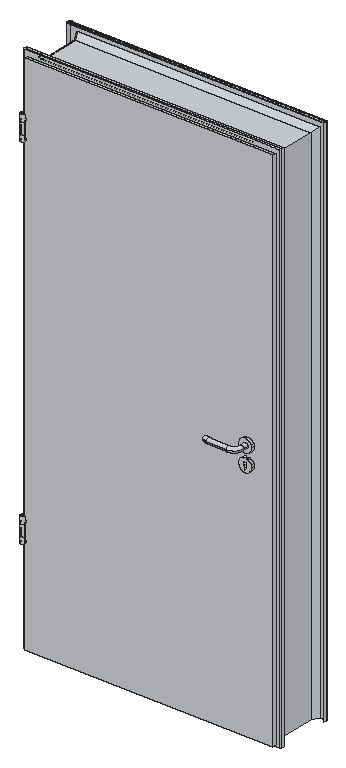
Revit family "BOS-Schrägleibungszarge-15ZcBud_Familie", category Türen, Revit 2017
Family settings
  Basisbauteil = Wand
  Immer vertikal = Ja
  Beim Laden mit Abzugskörper schneiden = Nein
  Gemeinsam genutzt = Nein
  Raumberechnungspunkt = Ja
Parameters (values of type "15ZcBud")
  Öffnungswinkel [instance] = if(Öffnungswinkel   Aperture < Öffnungswinkel min., Öffnungswinkel min., if(Öffnungswinkel   Aperture > Öffnungswinkel max., Öffnungswinkel max., Öffnungswinkel   Aperture)) * if(DIN links   DIN Left, 1, -1)  # 0.00°
  Öffnungswinkel min. = 0.00°  # constant formula
  Öffnungswinkel max. = 180.00°  # constant formula
  Öffnungswinkel   Aperture [instance] = 0.00°
  Unterfütterungsabstand hinten = if(Gefälzt, 45 mm, 70 mm)  # 45 mm
  Unterfütterung [instance] = Trapezanker  # no
  Türblattaufschlag = 13 mm  # constant formula
  Türblattabstand links-rechts = 3.5 mm  # constant formula
  Trapezanker [instance] = or(and(Gefälzt, GT Gesamttiefe > 319 mm + Putzwinkel hinten), and(Stumpf, GT Gesamttiefe > 344 mm + Putzwinkel hinten))  # no
  Spiegel vorne min. = 30 mm  # constant formula
  Spiegel vorne max. = 80 mm  # constant formula
  Spiegel hinten min. [instance] = Spiegel vorne + Falzaufschlag gesamt - Schrägebreite  # 30 mm
  Spiegel hinten max. [instance] = Spiegel vorne + Falzaufschlag gesamt - Schrägebreite  # 30 mm
  Sickentiefe = 10 mm  # constant formula
  Schrägetiefe min. = 15 mm  # constant formula
  Schrägetiefe max. = Falztiefe gesamt  # 28.5 mm
  Schrägetiefe   Slanting soffit depth [instance] = 28.5 mm
  Schrägetiefe [instance] = if(Schrägetiefe   Slanting soffit depth < Schrägetiefe min., Schrägetiefe min., if(Schrägetiefe   Slanting soffit depth > Schrägetiefe max., Schrägetiefe max., Schrägetiefe   Slanting soffit depth))  # 28.5 mm
  Schrägebreite min. = Falzaufschlag gesamt  # 15 mm
  Schrägebreite max. = Falzaufschlag gesamt  # 15 mm
  Schrägebreite   Slanting soffit width [instance] = Falzaufschlag gesamt  # 15 mm
  Schrägebreite [instance] = if(Schrägebreite   Slanting soffit width < Schrägebreite min., Schrägebreite min., if(Schrägebreite   Slanting soffit width > Schrägebreite max., Schrägebreite max., Schrägebreite   Slanting soffit width))  # 15 mm
  RRH Rohbau_Richtmaß_Höhe   Structural Wall Opening Height Measurement [instance] = FMH Falzmaß Höhe + Einfügepunkt  # 2125 mm
  RRB Rohbau_Richtmaß_Breite   Structural Wall Opening Width Measurement [instance] = FMB Falzmaß Breite + (2 * Einfügepunkt)  # 1000 mm
  Putzwinkel min. = 10 mm  # constant formula
  Putzwinkel max. = 28 mm  # constant formula
  Nivellierankerabstand vorne = Türblattstärke 1 + Türblattstärke 2 - 40 mm  # 0 mm
  Nivellieranker [instance] = or(and(Gefälzt, GT Gesamttiefe < 319.5 mm + Putzwinkel hinten), and(Stumpf, GT Gesamttiefe < 344.5 mm + Putzwinkel hinten))  # yes
  MW min. (Profil) [instance] = Falztiefe gesamt + Leibungstiefe min. + Schrägetiefe - Putzwinkel vorne - Putzwinkel hinten  # 54 mm
  MW min. (Formel) [instance] = if([MW min. (Nivellieranker)] > [MW min. (Profil)], [MW min. (Nivellieranker)], [MW min. (Profil)])  # 91.5 mm
  MW min. (Nivellieranker) [instance] = if(Gefälzt, 105 mm, 120 mm) + Schrägetiefe - Putzwinkel vorne - Putzwinkel hinten - 12 mm  # 91.5 mm
  Leibungstiefe min. = 27 mm  # constant formula
  GT min. [instance] = MW min. + Putzwinkel vorne + Putzwinkel hinten  # 130 mm
  GT (Trapezanker) [instance] = GT Gesamttiefe - Schrägetiefe + Falzaufschlag gesamt  # 216.5 mm
  GT (Nivellieranker) [instance] = GT Gesamttiefe - Schrägetiefe - 1 mm  # 200.5 mm
  Drehpunktreferenz horizontal = 500 mm  # constant formula
  Türblattversatz vertikal = if(Gefälzt, -3.5 mm, 15.5 mm)  # -3.5 mm
  Türblattversatz  horizontal = if(Gefälzt, 11.5 mm, 6 mm)  # 11.5 mm
  Türblattabstand 3 = 4.5 mm  # constant formula
  Türblattabstand 2 = 4.5 mm  # constant formula
  Türblattabstand 1 = if(Gefälzt, 1.5 mm, -2 mm)  # 1.5 mm
  Wandstärke   Wall Thickness [instance] = 200 mm
  Stumpf = or([15ZcBsd], [15ZcBsFd])  # no
  VX Bänder [instance] = 1 < 2  # yes
  Putzwinkel vorne   Backbend Front [instance] = 15 mm  # constant formula
  Putzwinkel hinten   Backbend Back [instance] = 15 mm  # constant formula
  LDH Lichte Durchgangs Höhe   Clearance Height [instance] = FMH Falzmaß Höhe - Falzaufschlag gesamt  # 2093 mm
  LDB Lichte Durchgangs Breite   Clearance Width [instance] = FMB Falzmaß Breite - (2 * Falzaufschlag gesamt)  # 936 mm
  Gefälzt = or([15ZcBud], [15ZcBuFd])  # yes
  URL = "www.BestOfSteel.de/stahlzargen/zargen-fuer-drehfluegeltueren/schraegleibungszargen"
  Türblattstärke 3 = if(Doppelfalz, Falztiefe 2, 0 mm)  # 0 mm
  Türblattstärke 2 = Türblattstärke - Türblattstärke 1 - Türblattstärke 3  # 25.5 mm
  Türblattstärke 1 = if(Gefälzt, 14.5 mm, 0 mm)  # 14.5 mm
  Türblattstärke = if(Einfachfalz, 40 mm, 65 mm)  # 40 mm
  Typenbild = <Keine Auswahl>
  Spiegel vorne   Architrave Front [instance] = 30 mm
  Spiegel vorne [instance] = if(Spiegel vorne   Architrave Front < Spiegel vorne min., Spiegel vorne min., if(Spiegel vorne   Architrave Front > Spiegel vorne max., Spiegel vorne max., Spiegel vorne   Architrave Front))  # 30 mm
  Spiegel hinten   Architrave Back [instance] = Spiegel vorne + Falzaufschlag gesamt - Schrägebreite  # 30 mm
  Spiegel hinten [instance] = if(Spiegel hinten   Architrave Back < Spiegel hinten min., Spiegel hinten min., if(Spiegel hinten   Architrave Back > Spiegel hinten max., Spiegel hinten max., Spiegel hinten   Architrave Back))  # 30 mm
  Rough Height = 0 mm  # constant formula
  Rough Width = 0 mm  # constant formula
  Rechtliche Hinweise [instance] = "www.BestOfSteel.de/tools-downloads/bim-building-information-modeling/"
  Putzwinkel vorne [instance] = if(Putzwinkel vorne   Backbend Front < Putzwinkel min., Putzwinkel min., if(Putzwinkel vorne   Backbend Front > Putzwinkel max., Putzwinkel max., Putzwinkel vorne   Backbend Front))  # 15 mm
  Putzwinkel hinten [instance] = if(Putzwinkel hinten   Backbend Back < Putzwinkel min., Putzwinkel min., if(Putzwinkel hinten   Backbend Back > Putzwinkel max., Putzwinkel max., Putzwinkel hinten   Backbend Back))  # 15 mm
  MW min. [instance] = if([MW min. (Formel)] < 100.5 mm, 100 mm, if([MW min. (Formel)] < 125.5 mm, 125 mm, if([MW min. (Formel)] < 130.5 mm, 130 mm, if([MW min. (Formel)] < 145.5 mm, 145 mm, if([MW min. (Formel)] < 150.5 mm, 150 mm, if([MW min. (Formel)] < 160.5 mm, 160 mm, 175 mm))))))  # 100 mm
  MW max. [instance] = GT max. - Putzwinkel vorne - Putzwinkel hinten  # 620 mm
  Information in English = no
  GT max. = 650 mm  # constant formula
  GT Gesamttiefe [instance] = GT Gesamttiefe_Zarge   Total Profile Depth  # 230 mm
  Funktion = Innen
  Falztiefe gesamt = if(Einfachfalz, Falztiefe, Falztiefe + Falztiefe 2)  # 28.5 mm
  Falztiefe 2 = 25 mm  # constant formula
  Falztiefe = Türblattstärke 2 - Türblattabstand 1 + Türblattabstand 2  # 28.5 mm
  Falzaufschlag gesamt = if(Einfachfalz, Falzaufschlag, 2 * Falzaufschlag)  # 15 mm
  FMH min. = 1608 mm  # constant formula
  FMH max. = 2858 mm  # constant formula
  FMH Falzmaß_Höhe   Rebate Height Measurement [instance] = 2108 mm
  FMH Falzmaß Höhe [instance] = if(FMH Falzmaß_Höhe   Rebate Height Measurement < FMH min., FMH min., if(FMH Falzmaß_Höhe   Rebate Height Measurement > FMH max., FMH max., FMH Falzmaß_Höhe   Rebate Height Measurement))  # 2108 mm
  FMB min. = 591 mm  # constant formula
  FMB max. = 1342 mm  # constant formula
  FMB Falzmaß_Breite   Rebate Width Measurement [instance] = 966 mm
  FMB Falzmaß Breite [instance] = if(FMB Falzmaß_Breite   Rebate Width Measurement < FMB min., FMB min., if(FMB Falzmaß_Breite   Rebate Width Measurement > FMB max., FMB max., FMB Falzmaß_Breite   Rebate Width Measurement))  # 966 mm
  Drückerhöhe [instance] = if(Drückerhöhe   Handle Height < 850 mm, 850 mm, if(Drückerhöhe   Handle Height > 1050 mm, 1050 mm, Drückerhöhe   Handle Height))  # 1050 mm
  Drehpunkt Warnung sichtbar = yes
  Drehpunkt Warnung [instance] = and(Drehpunkt Warnung sichtbar, not(Öffnungswinkel = 0.00°))  # no
  Doppelfalz = or([15ZcBuFd], [15ZcBsFd])  # no
  Einfachfalz = or([15ZcBud], [15ZcBsd])  # yes
  Dichtungsversatz vertikal 2 [instance] = Falztiefe + Sickentiefe - Putzwinkel vorne + Falztiefe 2  # 48.5 mm
  Dichtungsversatz vertikal 1 [instance] = Falztiefe + Sickentiefe - Putzwinkel vorne  # 23.5 mm
  Dichtungsversatz horizontal 2 [instance] = Falzaufschlag  # 15 mm
  Dichtungsversatz horizontal 1 [instance] = 0 mm  # constant formula
  Dichtung 2 = Doppelfalz  # no
  Dichtung 1 = or(Einfachfalz, Doppelfalz)  # yes
  Drehpunktposition vertikal [instance] = (Wandstärke   Wall Thickness / 2) + Putzwinkel vorne + [Drehpunktabstand (SP) vertikal]  # 127.5 mm
  Drehpunktposition horizontal [instance] = Drehpunktreferenz horizontal + Einfügepunkt + if(DIN links   DIN Left, FMB Falzmaß Breite + [Drehpunktabstand (FM) horizontal], -[Drehpunktabstand (FM) horizontal])  # 1504 mm
  Drehpunktabstand (FM) horizontal = if(Gefälzt, 21 mm, 2.5 mm)  # 21 mm
  Drehpunktabstand (SP) vertikal = if(Gefälzt, 12.5 mm, 13.5 mm)  # 12.5 mm
  Bänder - Auswahl [instance] = if(Gefälzt, "3D Bänder gefälzt, Bandaufnahmen BVX11000", "3D Bänder stumpf, Bandaufnahmen BVX11000")  # "3D Bänder gefälzt, Bandaufnahmen BVX11000"
  Blechstärke = 1.5 mm  # constant formula
  BE max. = 100 mm  # constant formula
  BE Bodeneinstand [instance] = if(BE Bodeneinstand   Foundation Bedding < 0 mm, 0 mm, if(BE Bodeneinstand   Foundation Bedding > BE max., BE max., BE Bodeneinstand   Foundation Bedding))  # 0 mm
  15ZcBsFd = no
  15ZcBuFd = no
  Modell = "15ZcBud"
  Material - Zarge = none
  Material - Türblatt = none
  Material - Drückergarnitur = none
  Material - Dichtung = none
  Material - Bänder = none
  Material = "grundiert, feuerverzinktes Feinblech nach DIN EN 10143"
  MW Maulweite   Receiving Opening [instance] = if(Wandstärke   Wall Thickness < MW min., MW min., if(Wandstärke   Wall Thickness > MW max., MW max., Wandstärke   Wall Thickness))  # 200 mm
  Height [instance] = RRH Rohbau_Richtmaß_Höhe   Structural Wall Opening Height Measurement  # 2125 mm
  Hersteller = "BOS GmbH Best Of Steel, Lütkenfelde 4, D-48282 Emsdetten"
  GT Gesamttiefe_Zarge   Total Profile Depth [instance] = MW Maulweite   Receiving Opening + Putzwinkel vorne + Putzwinkel hinten  # 230 mm
  MW Fehler [instance] = or(Wandstärke   Wall Thickness < MW min., Wandstärke   Wall Thickness > MW max.)  # no
  Einfügepunkt = 17 mm  # constant formula
  Drückerhöhe   Handle Height [instance] = 1050 mm
  Drückergarnitur [instance] = 1 < 2  # yes
  Dicke = 0 mm  # constant formula
  DIN rechts   DIN Right [instance] = not(DIN links   DIN Left)  # no
  DIN links oder rechts [instance] = if(DIN links   DIN Left, "DIN links", "DIN rechts")  # "DIN links"
  DIN links   DIN Left [instance] = yes
  15ZcBud = yes
  15ZcBsd = no
  Width = 0 mm  # constant formula
  Beschreibung = "2-schalige Schrägleibungszarge als Blockprofil, gefälzt"
  Bauelement = "BOS Stahlzarge"
  BOS-Architekten-Beratung = "Tel.: +49 (0) 2572 203-203; E-Mail: architekten@BestOfSteel.de"
  BE Bodeneinstand   Foundation Bedding [instance] = 0 mm
  BBL1 Bandbezugslinie   Hinge Position 1 = 241 mm  # constant formula
  BA Bandabstand   Distance Between Hinges [instance] = if(FMH Falzmaß Höhe < 1546 mm, 935 mm, if(FMH Falzmaß Höhe < 1671 mm, 1060 mm, if(FMH Falzmaß Höhe < 1796 mm, 1185 mm, if(FMH Falzmaß Höhe < 1921 mm, 1310 mm, if(FMH Falzmaß Höhe < 2171 mm, 1435 mm, if(FMH Falzmaß Höhe < 2296 mm, 1685 mm, if(FMH Falzmaß Höhe < 2421 mm, 1810 mm, if(FMH Falzmaß Höhe < 2546 mm, 1935 mm, if(FMH Falzmaß Höhe < 2671 mm, 2060 mm, if(FMH Falzmaß Höhe < 2796 mm, 2185 mm, 2310 mm))))))))))  # 1435 mm
  Falzaufschlag = 15 mm  # constant formula
  Technische Infos rund um die Stahlzarge = "www.BestOfSteel.de/tools-downloads/technische-infos-rund-um-die-stahlzarge/"
  Info-Texte sichtbar = yes
Reference planes
  plane 1 "Wand": y = 0
  plane 2 "Mitte (Links/rechts)": x = 125
  plane 3 "Hinten": y = 100
  plane 4 "Vorne": y = -100
  plane 5 "RRB links": x = -375
  plane 6 "RRB rechts": x = 625
  plane 7 "RRH oben": z = 2125
  plane 8 "BBL1": z = 1867
  plane 9 "Drückerhöhe": z = 1050
  plane 10 "BBL2": z = 432
  plane 11 "BE": z = 0
  plane 12 "FMH oben": z = 2108
  plane 13 "BE max.": z = -100
  plane 14 "FMB links": x = -358
  plane 15 "FMB rechts": x = 608
  plane 16 "Drehpunkt vertikal": y = -127.5
  plane 17 "Drehpunkt horizontal": x = -379
  plane 18 "Drehpunktreferenz horizontal": x = 1125
Forms (mm)
  Sweep 1, solid, material <- "Material - Zarge", visible <- "Einfachfalz", detail levels medium+fine
    path origin (0, -100, 0) x (-1, 0, 0) y (0, 0, 1)
      loop
        line (375, 0) -> (375, 2125) -> (-625, 2125) -> (-625, 0)
    profile "BOS-15ZcBud-15ZcBsd_Profil : BOS-15ZcBud-15ZcBsd_Profil" origin (-375, -100, 1062.5) x (1, 0, 0) y (0, 1, 0)
      loop
        arc (16, 25) -> (15.646, 24.854) -> (15.5, 24.5) r 0.5
        line (15.5, 24.5) -> (15.5, 23)
        arc (15.5, 23) -> (16.086, 24.414) -> (17.5, 25) r 2
        line (17.5, 25) -> (16, 25)
      loop
        line (-11.5, -12.5) -> (-11.5, 0) -> (-13, 0) -> (-13, -12.5)
        arc (-13, -12.5) -> (-12.268, -14.268) -> (-10.5, -15) r 2.5
        line (-10.5, -15) -> (14.5, -15)
        arc (14.5, -15) -> (16.268, -14.268) -> (17, -12.5) r 2.5
        line (17, -12.5) -> (17, 23)
        arc (17, 23) -> (17.146, 23.354) -> (17.5, 23.5) r 0.5
        line (17.5, 23.5) -> (25, 23.5) -> (25, 25) -> (25.977, 25)
        arc (25.977, 25) -> (27.109, 24.484) -> (27.463, 23.291) r 1.5
        line (27.463, 23.291) -> (26.527, 16.633)
        arc (26.527, 16.633) -> (29.058, 13.507) -> (32, 16.25) r 2.75
        line (32, 16.25) -> (32, 186.5) -> (17, 215) -> (-10.5, 215)
        arc (-10.5, 215) -> (-12.268, 214.268) -> (-13, 212.5) r 2.5
        line (-13, 212.5) -> (-13, 200) -> (-11.5, 200) -> (-11.5, 212.5)
        arc (-11.5, 212.5) -> (-11.207, 213.207) -> (-10.5, 213.5) r 1
        line (-10.5, 213.5) -> (16.094, 213.5) -> (30.5, 186.129) -> (30.5, 16.25)
        arc (30.5, 16.25) -> (29.163, 15.003) -> (28.012, 16.424) r 1.25
        line (28.012, 16.424) -> (28.948, 23.082)
        arc (28.948, 23.082) -> (28.241, 25.468) -> (25.977, 26.5) r 3
        line (25.977, 26.5) -> (16, 26.5)
        arc (16, 26.5) -> (14.586, 25.914) -> (14, 24.5) r 2
        line (14, 24.5) -> (14, 16.5) -> (15.5, 16.5) -> (15.5, -12.5)
        arc (15.5, -12.5) -> (15.207, -13.207) -> (14.5, -13.5) r 1
        line (14.5, -13.5) -> (-10.5, -13.5)
        arc (-10.5, -13.5) -> (-11.207, -13.207) -> (-11.5, -12.5) r 1
  Sweep 2, solid, material <- "Material - Dichtung", visible <- "Dichtung 1", detail levels medium+fine
    path origin (0, -100, 0) x (-1, 0, 0) y (0, 0, 1)
      loop
        line (358, 0) -> (358, 2108) -> (-608, 2108) -> (-608, 0)
    profile "BOS-Dichtung_Profil : BOS-Dichtung_Profil" origin (-358, -100, 1054) x (1, 0, 0) y (0, 1, 0)
      loop
        arc (2.601, 22.263) -> (2.248, 22.116) -> (2.102, 21.763) r 0.5
        line (2.102, 21.763) -> (2.102, 17.634)
        arc (2.102, 17.634) -> (2.243, 17.254) -> (2.599, 17.057) r 0.584
        line (2.599, 17.057) -> (7.702, 16.28)
        arc (7.702, 16.28) -> (8.08, 16.392) -> (8.234, 16.754) r 0.462
        line (8.234, 16.754) -> (8.069, 20.992)
        arc (8.069, 20.992) -> (7.918, 21.403) -> (7.556, 21.65) r 0.716
        arc (7.556, 21.65) -> (5.104, 22.16) -> (2.601, 22.263) r 15.257
      loop
        arc (2.671, 15.957) -> (2.274, 15.838) -> (2.102, 15.46) r 0.501
        line (2.102, 15.46) -> (2.102, 12.565)
        arc (2.102, 12.565) -> (2.227, 12.151) -> (2.561, 11.874) r 0.75
        line (2.561, 11.874) -> (9.159, 10)
        arc (9.159, 10) -> (9.738, 9.926) -> (10.314, 10.026) r 1.962
        arc (10.314, 10.026) -> (11.596, 10.754) -> (12.503, 11.916) r 3.79
        arc (12.503, 11.916) -> (12.466, 12.289) -> (12.114, 12.416) r 0.351
        arc (12.114, 12.416) -> (9.731, 12.818) -> (8.301, 14.767) r 3.215
        arc (8.301, 14.767) -> (8.101, 15.097) -> (7.751, 15.259) r 0.66
        line (7.751, 15.259) -> (2.671, 15.957)
      loop
        arc (9.885, 21.692) -> (6.361, 23.049) -> (2.611, 23.5) r 15.273
        arc (2.611, 23.5) -> (1.229, 23.241) -> (0, 22.558) r 4.388
        arc (0, 22.558) -> (-0.126, 22.198) -> (0.203, 22.005) r 0.3
        line (0.203, 22.005) -> (1.052, 22.179) -> (1.052, 17.212) -> (0.253, 16.589)
        arc (0.253, 16.589) -> (0.158, 16.198) -> (0.517, 16.017) r 0.324
        arc (0.517, 16.017) -> (0.888, 15.925) -> (1.052, 15.58) r 0.446
        line (1.052, 15.58) -> (1.052, 12.338) -> (0.255, 11.575)
        arc (0.255, 11.575) -> (0.205, 11.209) -> (0.55, 11.077) r 0.297
        arc (0.55, 11.077) -> (1.217, 11.194) -> (1.892, 11.137) r 2.63
        line (1.892, 11.137) -> (9.198, 9.049)
        arc (9.198, 9.049) -> (9.621, 9.008) -> (10.045, 9.024) r 3.219
        arc (10.045, 9.024) -> (12.714, 10.531) -> (14.033, 13.298) r 5.088
        arc (14.033, 13.298) -> (13.874, 13.708) -> (13.442, 13.788) r 0.451
        line (13.442, 13.788) -> (12.151, 13.352)
        arc (12.151, 13.352) -> (10.406, 13.72) -> (9.336, 15.147) r 2.533
        line (9.336, 15.147) -> (9.088, 20.569)
        arc (9.088, 20.569) -> (9.253, 20.964) -> (9.663, 21.087) r 0.501
        arc (9.663, 21.087) -> (10.021, 21.299) -> (9.885, 21.692) r 0.329
  Sweep 3, solid, material <- "Material - Zarge", visible <- "Doppelfalz", detail levels medium+fine
    path origin (0, -100, 0) x (-1, 0, 0) y (0, 0, 1)
      loop
        line (375, 0) -> (375, 2125) -> (-625, 2125) -> (-625, 0)
    profile "BOS-15ZcBuFd-15ZcBsFd_Profil : BOS-15ZcBuFd-15ZcBsFd_Profil" origin (-375, -100, 1062.5) x (1, 0, 0) y (0, 1, 0)
      loop
        arc (16, 25) -> (15.646, 24.854) -> (15.5, 24.5) r 0.5
        line (15.5, 24.5) -> (15.5, 23)
        arc (15.5, 23) -> (16.086, 24.414) -> (17.5, 25) r 2
        line (17.5, 25) -> (16, 25)
      loop
        arc (26.527, 16.633) -> (29.058, 13.507) -> (32, 16.25) r 2.75
        line (32, 16.25) -> (32, 47.5)
        arc (32, 47.5) -> (32.293, 48.207) -> (33, 48.5) r 1
        line (33, 48.5) -> (40.766, 48.5)
        arc (40.766, 48.5) -> (41.898, 47.984) -> (42.252, 46.791) r 1.5
        line (42.252, 46.791) -> (41.527, 41.633)
        arc (41.527, 41.633) -> (44.058, 38.507) -> (47, 41.25) r 2.75
        line (47, 41.25) -> (47, 186.5) -> (32, 215) -> (4.5, 215)
        arc (4.5, 215) -> (2.732, 214.268) -> (2, 212.5) r 2.5
        line (2, 212.5) -> (2, 200) -> (3.5, 200) -> (3.5, 212.5)
        arc (3.5, 212.5) -> (3.793, 213.207) -> (4.5, 213.5) r 1
        line (4.5, 213.5) -> (31.094, 213.5) -> (45.5, 186.129) -> (45.5, 41.25)
        arc (45.5, 41.25) -> (44.163, 40.003) -> (43.012, 41.424) r 1.25
        line (43.012, 41.424) -> (43.737, 46.582)
        arc (43.737, 46.582) -> (43.03, 48.968) -> (40.766, 50) r 3
        line (40.766, 50) -> (33, 50)
        arc (33, 50) -> (31.232, 49.268) -> (30.5, 47.5) r 2.5
        line (30.5, 47.5) -> (30.5, 16.25)
        arc (30.5, 16.25) -> (29.163, 15.003) -> (28.012, 16.424) r 1.25
        line (28.012, 16.424) -> (28.948, 23.082)
        arc (28.948, 23.082) -> (28.241, 25.468) -> (25.977, 26.5) r 3
        line (25.977, 26.5) -> (16, 26.5)
        arc (16, 26.5) -> (14.586, 25.914) -> (14, 24.5) r 2
        line (14, 24.5) -> (14, 16.5) -> (15.5, 16.5) -> (15.5, -12.5)
        arc (15.5, -12.5) -> (15.207, -13.207) -> (14.5, -13.5) r 1
        line (14.5, -13.5) -> (-10.5, -13.5)
        arc (-10.5, -13.5) -> (-11.207, -13.207) -> (-11.5, -12.5) r 1
        line (-11.5, -12.5) -> (-11.5, 0) -> (-13, 0) -> (-13, -12.5)
        arc (-13, -12.5) -> (-12.268, -14.268) -> (-10.5, -15) r 2.5
        line (-10.5, -15) -> (14.5, -15)
        arc (14.5, -15) -> (16.268, -14.268) -> (17, -12.5) r 2.5
        line (17, -12.5) -> (17, 23)
        arc (17, 23) -> (17.146, 23.354) -> (17.5, 23.5) r 0.5
        line (17.5, 23.5) -> (25, 23.5) -> (25, 25) -> (25.977, 25)
        arc (25.977, 25) -> (27.109, 24.484) -> (27.463, 23.291) r 1.5
        line (27.463, 23.291) -> (26.527, 16.633)
  Sweep 4, solid, material <- "Material - Dichtung", visible <- "Dichtung 2", detail levels medium+fine
    path origin (0, -100, 0) x (-1, 0, 0) y (0, 0, 1)
      loop
        line (358, 0) -> (358, 2108) -> (-608, 2108) -> (-608, 0)
    profile "BOS-Dichtung_Profil : BOS-Dichtung_Profil" origin (-358, -100, 1054) x (1, 0, 0) y (0, 1, 0)
      loop
        arc (17.601, 47.263) -> (17.248, 47.116) -> (17.102, 46.763) r 0.5
        line (17.102, 46.763) -> (17.102, 42.634)
        arc (17.102, 42.634) -> (17.243, 42.254) -> (17.599, 42.057) r 0.584
        line (17.599, 42.057) -> (22.702, 41.28)
        arc (22.702, 41.28) -> (23.08, 41.392) -> (23.234, 41.754) r 0.462
        line (23.234, 41.754) -> (23.069, 45.992)
        arc (23.069, 45.992) -> (22.918, 46.403) -> (22.556, 46.65) r 0.716
        arc (22.556, 46.65) -> (20.104, 47.16) -> (17.601, 47.263) r 15.257
      loop
        arc (17.671, 40.957) -> (17.274, 40.838) -> (17.102, 40.46) r 0.501
        line (17.102, 40.46) -> (17.102, 37.565)
        arc (17.102, 37.565) -> (17.227, 37.151) -> (17.561, 36.874) r 0.75
        line (17.561, 36.874) -> (24.159, 35)
        arc (24.159, 35) -> (24.738, 34.926) -> (25.314, 35.026) r 1.962
        arc (25.314, 35.026) -> (26.596, 35.754) -> (27.503, 36.916) r 3.79
        arc (27.503, 36.916) -> (27.466, 37.289) -> (27.114, 37.416) r 0.351
        arc (27.114, 37.416) -> (24.731, 37.818) -> (23.301, 39.767) r 3.215
        arc (23.301, 39.767) -> (23.101, 40.097) -> (22.751, 40.259) r 0.66
        line (22.751, 40.259) -> (17.671, 40.957)
      loop
        arc (24.885, 46.692) -> (21.361, 48.049) -> (17.611, 48.5) r 15.273
        arc (17.611, 48.5) -> (16.229, 48.241) -> (15, 47.558) r 4.388
        arc (15, 47.558) -> (14.874, 47.198) -> (15.203, 47.005) r 0.3
        line (15.203, 47.005) -> (16.052, 47.179) -> (16.052, 42.212) -> (15.253, 41.589)
        arc (15.253, 41.589) -> (15.158, 41.198) -> (15.517, 41.017) r 0.324
        arc (15.517, 41.017) -> (15.888, 40.925) -> (16.052, 40.58) r 0.446
        line (16.052, 40.58) -> (16.052, 37.338) -> (15.255, 36.575)
        arc (15.255, 36.575) -> (15.205, 36.209) -> (15.55, 36.077) r 0.297
        arc (15.55, 36.077) -> (16.217, 36.194) -> (16.892, 36.137) r 2.63
        line (16.892, 36.137) -> (24.198, 34.049)
        arc (24.198, 34.049) -> (24.621, 34.008) -> (25.045, 34.024) r 3.219
        arc (25.045, 34.024) -> (27.714, 35.531) -> (29.033, 38.298) r 5.088
        arc (29.033, 38.298) -> (28.874, 38.708) -> (28.442, 38.788) r 0.451
        line (28.442, 38.788) -> (27.151, 38.352)
        arc (27.151, 38.352) -> (25.406, 38.72) -> (24.336, 40.147) r 2.533
        line (24.336, 40.147) -> (24.088, 45.569)
        arc (24.088, 45.569) -> (24.253, 45.964) -> (24.663, 46.087) r 0.501
        arc (24.663, 46.087) -> (25.021, 46.299) -> (24.885, 46.692) r 0.329
Lines and regions (mm)
  Opening 1
    outline origin (-5000, -100, 0) x (1, 0, 0) y (0, 0, 1)
      loop
        line (4625, 2125) -> (4625, 0) -> (5625, 0) -> (5625, 2125) -> (4625, 2125)
  reference lines
    curve 1: line (65, 650, 0) -> (185, 650, 0)
    curve 2: line (-379, -127.5, 0) -> (321, -127.5, 0)
    curve 3: line (65, -350, 0) -> (185, -350, 0)
    curve 4: line (65, -650, 0) -> (185, -650, 0)
  symbolic lines, style "DoorsHiddenLines", visible <- "DIN links   DIN Left", detail levels coarse
    curve 5: arc (625, -100, 0) -> (332.107, -807.107, 0) -> (-375, -1100, 0) r 1000
  symbolic lines, style "Doors", visible <- "DIN links   DIN Left", detail levels coarse
    curve 6: line (-375, -100, 0) -> (-375, -1100, 0)
  symbolic lines, style "DoorsHiddenLines", visible <- "DIN rechts   DIN Right", detail levels coarse
    curve 7: arc (-375, -100, 0) -> (-82.107, -807.107, 0) -> (625, -1100, 0) r 1000
  symbolic lines, style "Doors", visible <- "DIN rechts   DIN Right", detail levels coarse
    curve 8: line (625, -100, 0) -> (625, -1100, 0)
Text (mm)
  text "Außen     " at (-1696.17, 830.944, 0), in view "Ref.-Ebene"
  text "Außen" at (0, 1409.804, 2854.306), in view "Links"
  text "Placement side" at (0, 499.811, 2980.732), in view "Rechts"
Dimensions and locks
  locked: plane 3 "Hinten" to host wall
  locked: host wall to plane 4 "Vorne" at 0
  equal spacing: plane 5 "RRB links", plane 2 "Mitte (Links/rechts)", plane 6 "RRB rechts"
  "RRB Rohbau_Richtmaß_Breite   Structural Wall Opening Width Measurement": plane 5 "RRB links" to plane 6 "RRB rechts"
  "Drückerhöhe": level to plane 9 "Drückerhöhe"
  "BE Bodeneinstand": plane 11 "BE" to level
  "Wandstärke   Wall Thickness": host wall to host wall
  "BBL1 Bandbezugslinie   Hinge Position 1": plane 12 "FMH oben" to plane 8 "BBL1"
  "BA Bandabstand   Distance Between Hinges": plane 8 "BBL1" to plane 10 "BBL2"
  "FMH Falzmaß Höhe": plane 12 "FMH oben" to level
  "RRH Rohbau_Richtmaß_Höhe   Structural Wall Opening Height Measurement": plane 7 "RRH oben" to level
  curve 4 to curve 3 to plane 4 "Vorne" to plane 3 "Hinten" to curve 1 = 300 mm, 250 mm, 200 mm, 550 mm
  "BE max.": level to plane 13 "BE max."
  equal spacing: plane 14 "FMB links", plane 2 "Mitte (Links/rechts)", plane 15 "FMB rechts"
  "FMB Falzmaß Breite": plane 14 "FMB links" to plane 15 "FMB rechts"
  "Drehpunktposition vertikal": host wall to plane 16 "Drehpunkt vertikal"
  "Drehpunktreferenz horizontal": plane 6 "RRB rechts" to plane 18 "Drehpunktreferenz horizontal"
  "Drehpunktposition horizontal": plane 17 "Drehpunkt horizontal" to plane 18 "Drehpunktreferenz horizontal"
  "Öffnungswinkel": angle curve 2 to plane 16 "Drehpunkt vertikal"
  aligned and locked: plane 1 "Wand" to host wall
  aligned and locked: plane 6 "RRB rechts" to nested 1
  aligned and locked: nested 1 to plane 4 "Vorne"
  aligned and locked: plane 9 "Drückerhöhe" to nested 1
  aligned and locked: Sweep 2 sketch curve to plane 14 "FMB links"
  aligned and locked: Sweep 2 sketch curve to plane 12 "FMH oben"
  aligned and locked: Sweep 2 sketch curve to plane 15 "FMB rechts"
  aligned and locked: Sweep 4 sketch curve to plane 15 "FMB rechts"
  aligned and locked: Sweep 4 sketch curve to plane 12 "FMH oben"
  aligned and locked: Sweep 4 sketch curve to plane 14 "FMB links"
  aligned and locked: plane 16 "Drehpunkt vertikal" to curve 2
  aligned and locked: plane 17 "Drehpunkt horizontal" to curve 2
  aligned and locked: curve 2 to nested 2
  aligned and locked: nested 4 to plane 10 "BBL2"
  aligned and locked: plane 8 "BBL1" to nested 3
  aligned and locked: plane 17 "Drehpunkt horizontal" to nested 3
  aligned and locked: plane 17 "Drehpunkt horizontal" to nested 4
  aligned and locked: plane 16 "Drehpunkt vertikal" to nested 3
  aligned and locked: plane 16 "Drehpunkt vertikal" to nested 4
  aligned and locked: curve 1 to nested 8
  aligned and locked: plane 2 "Mitte (Links/rechts)" to nested 8
  aligned and locked: plane 18 "Drehpunktreferenz horizontal" to nested 6
  aligned and locked: plane 1 "Wand" to nested 6
  aligned and locked: nested 7 to plane 2 "Mitte (Links/rechts)"
  aligned and locked: curve 3 to nested 5
  aligned and locked: nested 5 to plane 2 "Mitte (Links/rechts)"
  aligned and locked: curve 4 to nested 7
  aligned and locked: nested 10 to plane 4 "Vorne"
  aligned and locked: plane 5 "RRB links" to nested 10
  aligned and locked: plane 4 "Vorne" to nested 13
  aligned and locked: plane 6 "RRB rechts" to nested 13
  aligned and locked: nested 15 to plane 4 "Vorne"
  aligned and locked: nested 14 to plane 4 "Vorne"
  aligned and locked: plane 6 "RRB rechts" to nested 14
  aligned and locked: plane 6 "RRB rechts" to nested 15
  aligned and locked: plane 4 "Vorne" to nested 11
  aligned and locked: plane 4 "Vorne" to nested 12
  aligned and locked: plane 5 "RRB links" to nested 12
  aligned and locked: plane 5 "RRB links" to nested 11
  aligned and locked: plane 5 "RRB links" to Opening 1 sketch curve
  aligned and locked: Opening 1 sketch curve to plane 7 "RRH oben"
  aligned and locked: Opening 1 sketch curve to plane 6 "RRB rechts"
  aligned and locked: level to Opening 1 sketch curve
  aligned and locked: nested 9 to nested 11
  aligned and locked: nested 11 to nested 16
  aligned and locked: nested 9 to Sweep 1
  aligned and locked: nested 16 to Sweep 3
Automatic sketch dimensions
  Sweep 1 sketch curve to plane 6 "RRB rechts" = 0 mm
  Sweep 1 sketch curve to plane 5 "RRB links" = 0 mm
  Sweep 1 sketch curve to plane 11 "BE" = 0 mm  (x2)
  Sweep 1 sketch curve to plane 7 "RRH oben" = 0 mm
  Sweep 2 sketch curve to level = 0 mm  (x2)
  Sweep 3 sketch curve to plane 6 "RRB rechts" = 0 mm
  Sweep 3 sketch curve to plane 5 "RRB links" = 0 mm
  Sweep 3 sketch curve to plane 11 "BE" = 0 mm  (x2)
  Sweep 3 sketch curve to plane 7 "RRH oben" = 0 mm
  Sweep 4 sketch curve to level = 0 mm  (x2)
  host wall to curve 7 = 0 mm
  curve 7 to plane 5 "RRB links" = 0 mm
  curve 5 to plane 5 "RRB links" = 0 mm
  curve 7 to plane 6 "RRB rechts" = 0 mm
  host wall to curve 5 = 0 mm
  curve 5 to plane 6 "RRB rechts" = 0 mm
  host wall to curve 6 = 0 mm
  host wall to curve 8 = 0 mm
  curve 4 to plane 2 "Mitte (Links/rechts)" = 60 mm
  curve 3 to plane 2 "Mitte (Links/rechts)" = 60 mm
  curve 1 to plane 2 "Mitte (Links/rechts)" = 60 mm
  plane 2 "Mitte (Links/rechts)" to curve 3 = 60 mm
  plane 2 "Mitte (Links/rechts)" to curve 4 = 60 mm
  plane 2 "Mitte (Links/rechts)" to curve 1 = 60 mm
Nested families
  nested 1: "BOS-BOS_Modell" at (625, -100, 1050), type "BOS-BOS_Modell", not visible
    with Abstand 17 mm
  nested 2: "BOS-Türblatt_Modell" at (125, -124, 0), type "BOS-Türblatt_Modell"
    with Glastürdrücker DIN rechts no, Glastürdrücker DIN links no, Drückergarnitur DIN rechts no, Drückergarnitur DIN links yes
  nested 3: "BOS-Band-VX_Modell" at (-379, -127.5, 1867), visible <- "VX Bänder", type "BOS-Band-VX_Modell", detail levels fine
  nested 4: "BOS-Band-VX_Modell" at (-379, -127.5, 432), visible <- "VX Bänder", type "BOS-Band-VX_Modell", detail levels fine
  nested 5: "BOS-Info-Texte_Beschriftung" at (125, -350.955, 0), visible <- "Drehpunkt Warnung", type "Drehpunkt Warnung"
  nested 6: "BOS-Info-Texte_Beschriftung" at (1125, -0.955, 0), visible <- "MW Fehler", type "Maulweite Fehlermeldung"
  nested 7: "BOS-Info-Texte_Beschriftung" at (125, -650.955, 0), visible <- "Info-Texte sichtbar", type "Rechtliche Hinweise"
  nested 8: "BOS-Info-Texte_Beschriftung" at (125, 649.045, 0), visible <- "Info-Texte sichtbar", type "Technische Hinweise"
  nested 9: "BOS-Logo_Modell" at (-379.5, 100, 0), visible <- "Einfachfalz", type "BOS-Logo_Modell", detail levels fine
    with Abstand horizontal 4 mm
  nested 10: "BOS-Druckfeste-Unterfütterung-bauseits_Detail" at (-375, -100, 0), visible <- "Unterfütterung", type "BOS-Druckfeste-Unterfütterung-bauseits_Detail", detail levels fine
    with Unterfütterungsstärke 5.5 mm, Unterfütterungabstand hinten 45 mm, Putzwinkel vorne 15 mm, Putzwinkel hinten 15 mm
  nested 11: "BOS-Nivellieranker_Detail" at (-375, -116.747, 0), visible <- "Nivellieranker", type "BOS-Nivellieranker_Detail", detail levels fine
    with Nivellierankerlänge 180 mm, Nivellierankergröße 5, GT Gesamttiefe 200.5 mm, GT 200.5 mm, Einfügepunkt 17 mm
  nested 12: "BOS-Trapezanker_Detail" at (-332.5, -123.5, 0), visible <- "Trapezanker", type "BOS-Trapezanker_Detail", detail levels fine
    with GT Gesamttiefe 216.5 mm, Einfügepunkt 17 mm, Ankerlänge 198.5 mm
  nested 13: "BOS-Druckfeste-Unterfütterung-bauseits_Detail" at (625, -100, 0) x (-1, 0, 0) z (0, 0, 1), visible <- "Unterfütterung", type "BOS-Druckfeste-Unterfütterung-bauseits_Detail", detail levels fine
    with Unterfütterungsstärke 5.5 mm, Unterfütterungabstand hinten 45 mm, Putzwinkel vorne 15 mm, Putzwinkel hinten 15 mm
  nested 14: "BOS-Nivellieranker_Detail" at (625, -116.747, 0) x (-1, 0, 0) z (0, 0, 1), visible <- "Nivellieranker", type "BOS-Nivellieranker_Detail", detail levels fine
    with Nivellierankerlänge 180 mm, Nivellierankergröße 5, GT Gesamttiefe 200.5 mm, GT 200.5 mm, Einfügepunkt 17 mm
  nested 15: "BOS-Trapezanker_Detail" at (582.5, -123.5, 0) x (-1, 0, 0) z (0, 0, 1), visible <- "Trapezanker", type "BOS-Trapezanker_Detail", detail levels fine
    with GT Gesamttiefe 216.5 mm, Einfügepunkt 17 mm, Ankerlänge 198.5 mm
  nested 16: "BOS-Logo_Modell" at (-364.5, 100, 0), visible <- "Doppelfalz", type "BOS-Logo_Modell", detail levels fine
    with Abstand horizontal 4 mm
Definition of nested family "BOS-Türblatt_Modell"
  Parameters (values of type "BOS-Türblatt_Modell")
    Default Elevation = 1219.2 mm
    URL = "www.BestOfSteel.de"
    Türblattversatz vertikal = -3.5 mm
    Türblattversatz horizontal = 11.5 mm
    Technische Infos rund um die Stahlzarge = "www.BestOfSteel.de/tools-downloads/technische-infos-rund-um-die-stahlzarge/"
    Türblattaufschlag = 13 mm
    Türblattstärke 3 = 0 mm
    Türblattstärke 2 = 25.5 mm
    Türblattstärke 1 = 14.5 mm
    Türblattstärke = 40 mm
    Türblattabstand oben = 4 mm
    Türblattabstand unten = 7 mm
    Türblattabstand links-rechts = 3.5 mm
    TAH3 Türblatt Außenmaß Höhe 3 = FMH Zargen Falzmaß Höhe - Falzaufschlag - Türblattabstand oben - Türblattabstand unten  # 2082 mm
    TAH2 Türblatt Außenmaß Höhe 2 = FMH Zargen Falzmaß Höhe - Türblattabstand oben - Türblattabstand unten  # 2097 mm
    TAH Türblatt Außenmaß Höhe = FMH Zargen Falzmaß Höhe + if(Gefälzt, Türblattaufschlag, 0 mm) - Türblattabstand oben - Türblattabstand unten  # 2110 mm
    Stumpf = no
    Rechtliche Hinweise = "www.BestOfSteel.de/tools-downloads/bim-building-information-modeling/"
    Material - Türblatt = none
    Material - Drückergarnitur = none
    Glastürtdrücker = no
    Glastürdrücker DIN rechts [instance] = and(Glastürtdrücker, DIN rechts)  # no
    Glastürdrücker DIN links [instance] = and(Glastürtdrücker, DIN links)  # no
    Gefälzt = yes
    FMH Zargen Falzmaß Höhe = 2108 mm
    FMB Zargen Falzmaß Breite = 966 mm
    Einfachfalz = yes
    Drückerhöhe = 1050 mm
    Drückergarnitur = yes
    Drückerabstand = 100 mm
    Drehpunktabstand vertikal = (2 * Türblattstärke) + Türblattversatz vertikal  # 76.5 mm
    Drehpunktabstand horizontal = (TAB Türblatt Außenmass Breite / 2) + if(DIN links, -Türblattversatz horizontal, TAB Türblatt Außenmass Breite + Türblattversatz horizontal)  # 481 mm
    Doppelfalz = no
    Drückergarnitur DIN rechts [instance] = and(Drückergarnitur, DIN rechts)  # no
    Drückergarnitur DIN links [instance] = and(Drückergarnitur, DIN links)  # yes
    DIN rechts = no
    DIN links = yes
    Description = "Holz- oder Glastürblatt, mit Drücker, gefälzt oder stumpf"
    Keynote = "BOS Türblatt"
    TAB3 Türblatt Außenmass Breite Türblatt 3 = FMB Zargen Falzmaß Breite - 2 * (Falzaufschlag + [Türblattabstand links-rechts])  # 929 mm
    TAB Türblatt Außenmass Breite = FMB Zargen Falzmaß Breite + 2 * (if(Gefälzt, Türblattaufschlag, 0 mm) - [Türblattabstand links-rechts])  # 985 mm
    TAB2 Türblatt Außenmass Breite Türblatt 2 = FMB Zargen Falzmaß Breite - 2 * ([Türblattabstand links-rechts])  # 959 mm
    Falzaufschlag = 15 mm
    BOS-Architekten-Beratung = "Tel.: +49 (0) 2572 203-203; E-Mail: architekten@BestOfSteel.de"
  Reference planes
    plane 1: y = -7
    plane 2: z = 0
    plane 3: x = 0
    plane 4: z = 7
    plane 5: z = 2117
    plane 6: x = -492.5
    plane 7: x = 492.5
    plane 8: x = -479.5
    plane 9: x = 479.5
    plane 10: x = 464.5
    plane 11: x = -464.5
    plane 12: y = 7.5
    plane 13: y = 33
    plane 14: y = 33
    plane 15: z = 2104
    plane 16: z = 2089
    plane 17: x = -392.5
    plane 18: x = 392.5
    plane 19: y = 73
    plane 20: z = 1050
    plane 21: x = -502.5
    plane 22: x = 502.5
    plane 23: z = 2127
    plane 24: x = -985
    plane 25: x = -504
    plane 26: y = -3.5
  Forms (mm)
    Extrusion 1, solid, material <- "Material - Türblatt", detail levels medium+fine
      sketch origin (0, 0, 0) x (1, 0, 0) y (0, 1, 0)
        loop
          line (-492.5, 33) -> (-492.5, -7) -> (492.5, -7) -> (492.5, 33) -> (-492.5, 33)
      from 7 to 2117
    Extrusion 2, void
      sketch origin (0, 0, 0) x (1, 0, 0) y (0, 1, 0)
        loop
          line (-502.5, 73) -> (-502.5, 7.5) -> (-479.5, 7.5) -> (-479.5, 33) -> (-464.5, 33) -> (-464.5, 73) -> (-502.5, 73)
        loop
          line (464.5, 73) -> (464.5, 33) -> (479.5, 33) -> (479.5, 7.5) -> (502.5, 7.5) -> (502.5, 73) -> (464.5, 73)
      from 7 to 2117
    Extrusion 3, void
      sketch origin (0, 0, 0) x (0, 1, 0) y (0, 0, 1)
        loop
          line (73, 2127) -> (7.5, 2127) -> (7.5, 2104) -> (33, 2104) -> (33, 2089) -> (73, 2089) -> (73, 2127)
      from -492.5 to 492.5
  Cuts and joins
    Extrusion 2, Extrusion 3 cuts Extrusion 1
  Dimensions and locks
    "Türblattabstand unten": plane 4 to plane 2
    equal spacing: plane 6, plane 3, plane 7
    "TAB Türblatt Außenmass Breite": plane 6 to plane 7
    equal spacing: plane 8, plane 3, plane 9
    "TAB2 Türblatt Außenmass Breite Türblatt 2": plane 8 to plane 9
    equal spacing: plane 11, plane 3, plane 10
    "TAB3 Türblatt Außenmass Breite Türblatt 3": plane 11 to plane 10
    "Türblattstärke 1": plane 1 to plane 12
    "Türblattstärke 2": plane 13 to plane 12
    "Türblattstärke 3": plane 14 to plane 13
    "TAH Türblatt Außenmaß Höhe": plane 5 to plane 4
    "TAH2 Türblatt Außenmaß Höhe 2": plane 15 to plane 4
    "TAH3 Türblatt Außenmaß Höhe 3": plane 16 to plane 4
    "Drückerabstand": plane 6 to plane 17
    "Drückerabstand": plane 18 to plane 7
    "Türblattstärke": plane 19 to plane 14
    "Drückerhöhe": plane 20 to plane 2
    plane 21 to plane 6 = 10 mm
    plane 7 to plane 22 = 10 mm
    plane 23 to plane 5 = 10 mm
    "Drehpunktabstand horizontal": plane 24 to plane 25
    "TAB Türblatt Außenmass Breite": plane 24 to plane 3
    "Drehpunktabstand vertikal": plane 19 to plane 26
    aligned and locked: level to plane 2
    aligned and locked: Extrusion 1 sketch curve to plane 1
    aligned and locked: Extrusion 1 sketch curve to plane 6
    aligned and locked: Extrusion 1 sketch curve to plane 14
    aligned and locked: Extrusion 1 sketch curve to plane 7
    aligned and locked: Extrusion 1 to plane 4
    aligned and locked: plane 5 to Extrusion 1
    aligned and locked: plane 19 to Extrusion 2 sketch curve
    aligned and locked: plane 11 to Extrusion 2 sketch curve
    aligned and locked: plane 13 to Extrusion 2 sketch curve  (x2)
    aligned and locked: plane 8 to Extrusion 2 sketch curve
    aligned and locked: Extrusion 2 sketch curve to plane 12
    aligned and locked: plane 10 to Extrusion 2 sketch curve
    aligned and locked: plane 9 to Extrusion 2 sketch curve
    aligned and locked: plane 12 to Extrusion 2 sketch curve
    aligned and locked: Extrusion 2 sketch curve to plane 19
    aligned and locked: Extrusion 2 to plane 4
    aligned and locked: plane 5 to Extrusion 2
    aligned and locked: Extrusion 3 sketch curve to plane 12
    aligned and locked: plane 19 to Extrusion 3 sketch curve
    aligned and locked: Extrusion 3 sketch curve to plane 16
    aligned and locked: Extrusion 3 sketch curve to plane 15
    aligned and locked: Extrusion 3 sketch curve to plane 13
    aligned and locked: plane 7 to Extrusion 3
    aligned and locked: Extrusion 3 to plane 6
    aligned and locked: plane 22 to Extrusion 2 sketch curve
    aligned and locked: Extrusion 2 sketch curve to plane 21
    aligned and locked: plane 23 to Extrusion 3 sketch curve
    aligned and locked: nested 1 to plane 20
    aligned and locked: plane 20 to nested 3
    aligned and locked: plane 20 to nested 2
    aligned and locked: nested 4 to plane 20
    aligned and locked: nested 1 to plane 17
    aligned and locked: nested 3 to plane 17
    aligned and locked: nested 2 to plane 18
    aligned and locked: nested 4 to plane 18
    aligned and locked: plane 1 to nested 1
    aligned and locked: nested 3 to plane 14
    aligned and locked: plane 14 to nested 4
    aligned and locked: nested 2 to plane 1
  Nested families
    nested 1: "BOS-Drückergarnitur_Modell" at (-392.5, -7, 1050), visible <- "Drückergarnitur DIN rechts", type "BOS-Drückergarnitur_Modell", detail levels fine
    nested 2: "BOS-Drückergarnitur_Modell" at (392.5, -7, 1050) x (-1, 0, 0) z (0, 0, 1), visible <- "Drückergarnitur DIN links", type "BOS-Drückergarnitur_Modell", detail levels fine
    nested 3: "BOS-Drückergarnitur_Modell" at (-392.5, 33, 1050), visible <- "Drückergarnitur DIN rechts", type "BOS-Drückergarnitur_Modell", detail levels fine
    nested 4: "BOS-Drückergarnitur_Modell" at (392.5, 33, 1050) x (-1, 0, 0) z (0, 0, 1), visible <- "Drückergarnitur DIN links", type "BOS-Drückergarnitur_Modell", detail levels fine
  Definition of nested family "BOS-Drückergarnitur_Modell"
    Parameters (values of type "BOS-Drückergarnitur_Modell")
      URL = "www.BestOfSteel.de"
      Rechtliche Hinweise = "www.BestOfSteel.de/tools-downloads/bim-building-information-modeling/"
      Material - Drückergarnitur = none
      Description = "Drücker und Rosette"
      Keynote = "BOS Drückergarnitur"
      BOS-Architekten-Beratung = "Tel.: +49 (0) 2572 203-203; E-Mail: architekten@BestOfSteel.de"
      Technische Infos rund um die Stahlzarge = "www.BestOfSteel.de/tools-downloads/technische-infos-rund-um-die-stahlzarge/"
    Reference planes
      plane 1: y = 0
      plane 2: z = 0
      plane 3: x = 0
    Forms (mm)
      Sweep 1, solid, material <- "Material - Drückergarnitur"
        path origin (0, 0, 0) x (1, 0, 0) y (0, 1, 0)
          loop
            line (0, 0) -> (0, -10)
        profile origin (0, -5, 0) x (1, 0, 0) y (0, 0, 1)
          loop
            circle (0, 0) r 26
      Sweep 2, solid, material <- "Material - Drückergarnitur"
        path origin (0, 0, 0) x (1, 0, 0) y (0, 1, 0)
          loop
            line (0, -10) -> (0, -30.336)
            arc (0, -30.336) -> (8.201, -50.135) -> (28, -58.336) r 28
            line (28, -58.336) -> (108.063, -58.336)
            arc (108.063, -58.336) -> (116.614, -56.829) -> (124.133, -52.487) r 25
        profile origin (0, -20.168, 0) x (1, 0, 0) y (0, 0, 1)
          loop
            circle (0, 0) r 9
      Sweep 3, solid, material <- "Material - Drückergarnitur"
        path origin (0, 0, -70) x (1, 0, 0) y (0, 1, 0)
          loop
            line (0, 0) -> (0, -10)
        profile origin (0, -5, -70) x (1, 0, 0) y (0, 0, 1)
          loop
            circle (0, 0) r 26
          loop
            arc (-4.3, -12.6) -> (0, -16.9) -> (4.3, -12.6) r 4.3
            line (4.3, -12.6) -> (4.3, 0)
            arc (4.3, 0) -> (7.07, 8.305) -> (0, 13.47) r 7.421
            arc (0, 13.47) -> (-7.07, 8.305) -> (-4.3, 0) r 7.421
            line (-4.3, 0) -> (-4.3, -12.6)
    Dimensions and locks
      plane 2 to Sweep 3 = 70 mm
    Automatic sketch dimensions
      Sweep 1 sketch curve to plane 3 = 0 mm
      plane 1 to Sweep 1 sketch curve = 0 mm
      plane 1 to Sweep 1 sketch curve = 10 mm
      level to Sweep 1 sketch curve = 0 mm
      profile plane to Sweep 1 sketch curve = 0 mm
      Sweep 2 sketch curve to plane 3 = 0 mm
      plane 3 to Sweep 2 sketch curve = 28 mm
      plane 1 to Sweep 2 sketch curve = 33.336 mm
      Sweep 2 sketch curve to Sweep 2 sketch curve = 80.063 mm
      plane 1 to Sweep 2 sketch curve = 58.336 mm
      Sweep 2 sketch curve to Sweep 2 sketch curve = 16.07 mm
      plane 1 to Sweep 2 sketch curve = 10 mm
      level to Sweep 2 sketch curve = 0 mm
      profile plane to Sweep 2 sketch curve = 0 mm
      Sweep 3 sketch curve to plane 3 = 0 mm
      plane 1 to Sweep 3 sketch curve = 0 mm
      plane 1 to Sweep 3 sketch curve = 10 mm
      Sweep 3 sketch curve to Sweep 3 sketch curve = 0 mm  (x2)
      Sweep 3 sketch curve to profile plane = 0 mm  (x2)
      profile plane to Sweep 3 sketch curve = 0 mm  (x3)
      Sweep 3 sketch curve to Sweep 3 sketch curve = 4.3 mm
      Sweep 3 sketch curve to Sweep 3 sketch curve = 12.6 mm
      profile plane to Sweep 3 sketch curve = 6.049 mm
      radius of Sweep 1 sketch curve = 26 mm
      radius of Sweep 2 sketch curve = 9 mm
      radius of Sweep 3 sketch curve = 26 mm
Definition of nested family "BOS-Band-VX_Modell"
  Parameters (values of type "BOS-Band-VX_Modell")
    Öffnungswinkel = 0.00°
    URL = "www.BestOfSteel.de"
    Stumpf DIN rechts = and(Stumpf, DIN rechts)  # no
    Stumpf DIN links = and(Stumpf, DIN links)  # no
    Stumpf = no
    Rechtliche Hinweise = "www.BestOfSteel.de/tools-downloads/bim-building-information-modeling/"
    Material - Bänder = none
    Manufacturer = ""
    Gefälzt DIN rechts = and(Gefälzt, DIN rechts)  # no
    Gefälzt DIN links = and(Gefälzt, DIN links)  # yes
    Gefälzt = yes
    Drehwinkel = Öffnungswinkel  # 0.00°
    DIN rechts = no
    DIN links = yes
    Description = "Band VX gefälzt oder stumpf"
    Keynote = "BOS Modell"
    BOS-Architekten-Beratung = "Tel.: +49 (0) 2572 203-203; E-Mail: architekten@BestOfSteel.de"
    Technische Infos rund um die Stahlzarge = "www.BestOfSteel.de/tools-downloads/technische-infos-rund-um-die-stahlzarge/"
  Reference planes
    plane 1: y = 0
    plane 2: z = 0
    plane 3: x = 0
  Forms (mm)
    Sweep 1, solid, material <- "Material - Bänder"
      path origin (-13.92, -27.5, 1200) x (-1, 0, 0) y (0, 0, 1)
        loop
          line (-13.92, -1247.5) -> (-13.92, -1152.5)
      profile origin (0, -27.5, 0) x (1, 0, 0) y (0, 1, 0)
        loop
          circle (0, 27.5) r 6.5
    Extrusion 2, solid, material <- "Material - Bänder", visible <- "Gefälzt DIN links"
      sketch origin (58.575, -26.745, 0) x (1, 0, 0) y (0, 1, 0)
        loop
          line (-48.615, 25.844) -> (-47.575, 37.348) -> (-47.575, 39.245) -> (-51.075, 39.245) -> (-51.075, 37.506) -> (-52.154, 25.574)
          arc (-52.154, 25.574) -> (-64.788, 24.746) -> (-54.041, 31.44) r 6.527
          line (-54.041, 31.44) -> (-51.628, 33.938)
          arc (-51.628, 33.938) -> (-67.946, 23.257) -> (-48.615, 25.844) r 10
      from -23.5 to 23.5
    Extrusion 3, solid, material <- "Material - Bänder", visible <- "Stumpf DIN links"
      sketch origin (26.489, 48.796, 0) x (1, 0, 0) y (0, 1, 0)
        loop
          line (-37.489, -37.345) -> (-36.338, -50.529)
          arc (-36.338, -50.529) -> (-16.979, -51.887) -> (-33.436, -41.602) r 10
          line (-33.436, -41.602) -> (-31.004, -44.128)
          arc (-31.004, -44.128) -> (-23.943, -42.824) -> (-19.982, -48.813) r 6.507
          arc (-19.982, -48.813) -> (-25.866, -55.271) -> (-32.842, -50.01) r 6.486
          line (-32.842, -50.01) -> (-34.035, -37.197) -> (-34.035, -35.296) -> (-37.489, -35.296) -> (-37.489, -37.345)
      from -23.5 to 23.5
    Extrusion 4, solid, material <- "Material - Bänder", visible <- "Gefälzt DIN links"
      sketch origin (0, 0, 0) x (0.5, -0.866025, 0) y (0.866025, 0.5, 0)
        loop
          arc (-3.25, -5.629) -> (-6.279, -1.682) -> (-5.629, 3.25) r 6.5
          line (-5.629, 3.25) -> (0.121, 13.209) -> (-2.91, 14.959) -> (-8.66, 5)
          arc (-8.66, 5) -> (5.664, -8.241) -> (-1.564, 9.877) r 10
          line (-1.564, 9.877) -> (-1.017, 6.42)
          arc (-1.017, 6.42) -> (6.391, -1.185) -> (-3.25, -5.629) r 6.5
      from 24 to 47.5
    Extrusion 5, solid, material <- "Material - Bänder", visible <- "Gefälzt DIN links"
      sketch origin (0, 0, 0) x (0.5, -0.866025, 0) y (0.866025, 0.5, 0)
        loop
          arc (-3.25, -5.629) -> (-6.279, -1.682) -> (-5.629, 3.25) r 6.5
          line (-5.629, 3.25) -> (0.121, 13.209) -> (-2.91, 14.959) -> (-8.66, 5)
          arc (-8.66, 5) -> (5.664, -8.241) -> (-1.564, 9.877) r 10
          line (-1.564, 9.877) -> (-1.017, 6.42)
          arc (-1.017, 6.42) -> (6.391, -1.185) -> (-3.25, -5.629) r 6.5
      from -24 to -47.5
    Extrusion 6, solid, material <- "Material - Bänder", visible <- "Stumpf DIN links"
      sketch origin (0, 0, 0) x (1, 0, 0) y (0, 1, 0)
        loop
          line (4.091, 5.051) -> (6.293, 7.771)
          arc (6.293, 7.771) -> (-9.026, -4.305) -> (10, 0) r 10
          line (10, 0) -> (10, 15.5) -> (6.5, 15.5) -> (6.5, 0)
          arc (6.5, 0) -> (0, -6.5) -> (-6.5, 0) r 6.5
          arc (-6.5, 0) -> (-2.798, 5.867) -> (4.091, 5.051) r 6.5
      from 24 to 47.5
    Extrusion 7, solid, material <- "Material - Bänder", visible <- "Stumpf DIN links"
      sketch origin (0, 0, 0) x (1, 0, 0) y (0, 1, 0)
        loop
          line (4.091, 5.051) -> (6.293, 7.771)
          arc (6.293, 7.771) -> (-9.026, -4.305) -> (10, 0) r 10
          line (10, 0) -> (10, 15.5) -> (6.5, 15.5) -> (6.5, 0)
          arc (6.5, 0) -> (0, -6.5) -> (-6.5, 0) r 6.5
          arc (-6.5, 0) -> (-2.798, 5.867) -> (4.091, 5.051) r 6.5
      from -24 to -47.5
    Extrusion 8, solid, material <- "Material - Bänder", visible <- "Stumpf DIN rechts"
      sketch origin (-26.489, 48.796, 0) x (-1, 0, 0) y (0, -1, 0)
        loop
          line (-37.489, 37.345) -> (-37.489, 35.296) -> (-34.035, 35.296) -> (-34.035, 37.197) -> (-32.842, 50.01)
          arc (-32.842, 50.01) -> (-25.866, 55.271) -> (-19.982, 48.813) r 6.486
          arc (-19.982, 48.813) -> (-23.943, 42.824) -> (-31.004, 44.128) r 6.507
          line (-31.004, 44.128) -> (-33.436, 41.602)
          arc (-33.436, 41.602) -> (-16.979, 51.887) -> (-36.338, 50.529) r 10
          line (-36.338, 50.529) -> (-37.489, 37.345)
      from -23.5 to 23.5
    Extrusion 9, solid, material <- "Material - Bänder", visible <- "Stumpf DIN rechts"
      sketch origin (0, 0, 0) x (-1, 0, 0) y (0, -1, 0)
        loop
          arc (4.091, -5.051) -> (-2.798, -5.867) -> (-6.5, 0) r 6.5
          arc (-6.5, 0) -> (0, 6.5) -> (6.5, 0) r 6.5
          line (6.5, 0) -> (6.5, -15.5) -> (10, -15.5) -> (10, 0)
          arc (10, 0) -> (-9.026, 4.305) -> (6.293, -7.771) r 10
          line (6.293, -7.771) -> (4.091, -5.051)
      from 24 to 47.5
    Extrusion 10, solid, material <- "Material - Bänder", visible <- "Stumpf DIN rechts"
      sketch origin (0, 0, 0) x (-1, 0, 0) y (0, -1, 0)
        loop
          arc (4.091, -5.051) -> (-2.798, -5.867) -> (-6.5, 0) r 6.5
          arc (-6.5, 0) -> (0, 6.5) -> (6.5, 0) r 6.5
          line (6.5, 0) -> (6.5, -15.5) -> (10, -15.5) -> (10, 0)
          arc (10, 0) -> (-9.026, 4.305) -> (6.293, -7.771) r 10
          line (6.293, -7.771) -> (4.091, -5.051)
      from -24 to -47.5
    Extrusion 11, solid, material <- "Material - Bänder", visible <- "Gefälzt DIN rechts"
      sketch origin (-58.575, -26.745, 0) x (-1, 0, 0) y (0, -1, 0)
        loop
          arc (-48.615, -25.844) -> (-67.946, -23.257) -> (-51.628, -33.938) r 10
          line (-51.628, -33.938) -> (-54.041, -31.44)
          arc (-54.041, -31.44) -> (-64.788, -24.746) -> (-52.154, -25.574) r 6.527
          line (-52.154, -25.574) -> (-51.075, -37.506) -> (-51.075, -39.245) -> (-47.575, -39.245) -> (-47.575, -37.348) -> (-48.615, -25.844)
      from -23.5 to 23.5
    Extrusion 12, solid, material <- "Material - Bänder", visible <- "Gefälzt DIN rechts"
      sketch origin (0, 0, 0) x (-0.5, -0.866025, 0) y (0.866025, -0.5, 0)
        loop
          arc (-3.25, 5.629) -> (6.391, 1.185) -> (-1.017, -6.42) r 6.5
          line (-1.017, -6.42) -> (-1.564, -9.877)
          arc (-1.564, -9.877) -> (5.664, 8.241) -> (-8.66, -5) r 10
          line (-8.66, -5) -> (-2.91, -14.959) -> (0.121, -13.209) -> (-5.629, -3.25)
          arc (-5.629, -3.25) -> (-6.279, 1.682) -> (-3.25, 5.629) r 6.5
      from 24 to 47.5
    Extrusion 13, solid, material <- "Material - Bänder", visible <- "Gefälzt DIN rechts"
      sketch origin (0, 0, 0) x (-0.5, -0.866025, 0) y (0.866025, -0.5, 0)
        loop
          arc (-3.25, 5.629) -> (6.391, 1.185) -> (-1.017, -6.42) r 6.5
          line (-1.017, -6.42) -> (-1.564, -9.877)
          arc (-1.564, -9.877) -> (5.664, 8.241) -> (-8.66, -5) r 10
          line (-8.66, -5) -> (-2.91, -14.959) -> (0.121, -13.209) -> (-5.629, -3.25)
          arc (-5.629, -3.25) -> (-6.279, 1.682) -> (-3.25, 5.629) r 6.5
      from -24 to -47.5
  Lines and regions (mm)
    reference lines
      curve 1: line (0, 0, 0) -> (110, 0, 0)
  Dimensions and locks
    "Drehwinkel": angle curve 1 to plane 1
    aligned and locked: level to plane 2
    aligned and locked: plane 3 to curve 1
    aligned and locked: plane 1 to curve 1
  Automatic sketch dimensions
    Sweep 1 sketch curve to plane 3 = 0 mm
    Sweep 1 sketch curve to level = 47.5 mm
    level to Sweep 1 sketch curve = 47.5 mm
    Sweep 1 sketch curve to profile plane = 0 mm
    profile plane to Sweep 1 sketch curve = 27.5 mm
    Extrusion 2 sketch curve to Extrusion 2 sketch curve = 0 mm  (x3)
    plane 1 to Extrusion 2 sketch curve = 0 mm
    plane 3 to Extrusion 2 sketch curve = 0 mm
    plane 1 to Extrusion 2 sketch curve = 1.171 mm
    Extrusion 2 sketch curve to Extrusion 2 sketch curve = 6.421 mm
    Extrusion 2 sketch curve to plane 1 = 7.193 mm
    Extrusion 2 sketch curve to Extrusion 2 sketch curve = 0.526 mm
    Extrusion 2 sketch curve to Extrusion 2 sketch curve = 0.553 mm
    plane 1 to Extrusion 2 sketch curve = 0.901 mm
    Extrusion 2 sketch curve to plane 1 = 10.603 mm
    Extrusion 2 sketch curve to Extrusion 2 sketch curve = 3.5 mm
    Extrusion 2 sketch curve to Extrusion 2 sketch curve = 0.158 mm
    Extrusion 2 sketch curve to Extrusion 2 sketch curve = 1.739 mm
    Extrusion 2 sketch curve to plane 1 = 4.695 mm
    Extrusion 3 sketch curve to plane 1 = 0 mm
    Extrusion 3 sketch curve to plane 1 = 11.45 mm
    Extrusion 3 sketch curve to plane 3 = 11 mm
    plane 1 to Extrusion 3 sketch curve = 1.733 mm
    Extrusion 3 sketch curve to Extrusion 3 sketch curve = 1.151 mm
    Extrusion 3 sketch curve to Extrusion 3 sketch curve = 3.454 mm
    Extrusion 3 sketch curve to plane 1 = 7.193 mm
    Extrusion 3 sketch curve to Extrusion 3 sketch curve = 0.599 mm
    plane 1 to Extrusion 3 sketch curve = 1.214 mm
    Extrusion 3 sketch curve to Extrusion 3 sketch curve = 3.496 mm
    Extrusion 3 sketch curve to plane 1 = 4.667 mm
    Extrusion 3 sketch curve to Extrusion 3 sketch curve = 2.431 mm
    Extrusion 3 sketch curve to Extrusion 3 sketch curve = 0.001 mm
    Extrusion 3 sketch curve to Extrusion 3 sketch curve = 0.021 mm
    plane 1 to Extrusion 3 sketch curve = 0.017 mm
    Extrusion 3 sketch curve to Extrusion 3 sketch curve = 0.149 mm
    Extrusion 3 sketch curve to Extrusion 3 sketch curve = 2.05 mm
    Extrusion 4 sketch curve to Extrusion 4 sketch curve = 0 mm  (x6)
    curve 1 to Extrusion 4 sketch curve = 0 mm  (x2)
    Extrusion 4 sketch curve to curve 1 = 63.66 mm
    Extrusion 4 sketch curve to Extrusion 4 sketch curve = 3.031 mm
    Extrusion 4 sketch curve to curve 1 = 57.91 mm
    Extrusion 4 sketch curve to curve 1 = 56.564 mm
    Extrusion 4 sketch curve to Extrusion 4 sketch curve = 0.548 mm
    Extrusion 4 sketch curve to Extrusion 4 sketch curve = 1.017 mm
    Extrusion 4 sketch curve to curve 1 = 54.879 mm
    Extrusion 4 sketch curve to Extrusion 4 sketch curve = 3.25 mm
    Extrusion 4 sketch curve to Extrusion 4 sketch curve = 1.75 mm
    Extrusion 5 sketch curve to Extrusion 5 sketch curve = 0 mm  (x6)
    curve 1 to Extrusion 5 sketch curve = 0 mm  (x2)
    Extrusion 5 sketch curve to curve 1 = 63.66 mm
    Extrusion 5 sketch curve to Extrusion 5 sketch curve = 3.031 mm
    Extrusion 5 sketch curve to curve 1 = 57.91 mm
    Extrusion 5 sketch curve to curve 1 = 56.564 mm
    Extrusion 5 sketch curve to Extrusion 5 sketch curve = 0.548 mm
    Extrusion 5 sketch curve to Extrusion 5 sketch curve = 1.017 mm
    Extrusion 5 sketch curve to curve 1 = 54.879 mm
    Extrusion 5 sketch curve to Extrusion 5 sketch curve = 3.25 mm
    Extrusion 5 sketch curve to Extrusion 5 sketch curve = 1.75 mm
    Extrusion 6 sketch curve to Extrusion 6 sketch curve = 0 mm  (x6)
    Extrusion 6 sketch curve to curve 1 = 0 mm  (x2)
    Extrusion 6 sketch curve to curve 1 = 5.051 mm
    Extrusion 6 sketch curve to Extrusion 6 sketch curve = 4.091 mm
    Extrusion 6 sketch curve to curve 1 = 7.771 mm
    Extrusion 6 sketch curve to Extrusion 6 sketch curve = 2.203 mm
    Extrusion 6 sketch curve to Extrusion 6 sketch curve = 7.729 mm
    Extrusion 7 sketch curve to Extrusion 7 sketch curve = 0 mm  (x6)
    Extrusion 7 sketch curve to curve 1 = 0 mm  (x2)
    Extrusion 7 sketch curve to curve 1 = 5.051 mm
    Extrusion 7 sketch curve to Extrusion 7 sketch curve = 4.091 mm
    Extrusion 7 sketch curve to curve 1 = 7.771 mm
    Extrusion 7 sketch curve to Extrusion 7 sketch curve = 2.203 mm
    Extrusion 7 sketch curve to Extrusion 7 sketch curve = 7.729 mm
    Extrusion 8 sketch curve to plane 1 = 0 mm
    plane 1 to Extrusion 8 sketch curve = 11.45 mm
    Extrusion 8 sketch curve to plane 3 = 11 mm
    Extrusion 8 sketch curve to plane 1 = 1.733 mm
    Extrusion 8 sketch curve to Extrusion 8 sketch curve = 1.151 mm
    Extrusion 8 sketch curve to Extrusion 8 sketch curve = 3.454 mm
